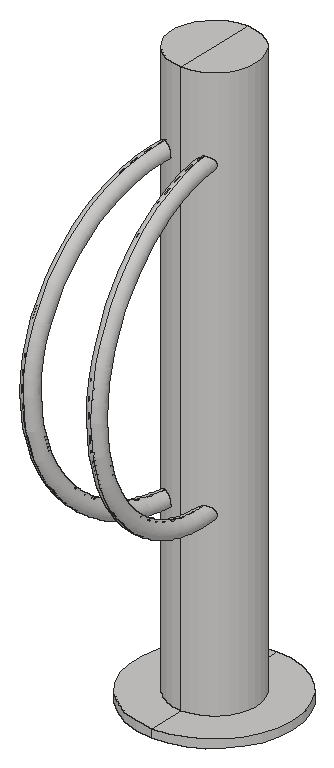
Revit family "Landscaping_Other_Axelent_Bike-Up_Pole_171092", category Furniture, Revit 2018
Family settings
  OmniClass Number = 23.40.10.14
  OmniClass Title = Exterior Specialties
  Work Plane-Based = No
  Always vertical = Yes
  Cut with Voids When Loaded = No
  Shared = No
  Room Calculation Point = No
Parameters (values of type "Bike-Up Pole 1 bike")
  WarrantyStartDate [instance] = "n/a"
  WarrantyGuarantorParts = "n/a"
  WarrantyGuarantorLabor = "n/a"
  WarrantyDurationUnit = "Years"
  WarrantyDurationParts = "n/a"
  WarrantyDurationLabor = "n/a"
  WarrantyDescription = "n/a"
  VersionDate = "22/07/2021"  # constant formula
  Version = "1"  # constant formula
  Uniclass2015Reference = "Pr_40_30_21"
  Uniclass2015Description = "Cycle stands and lockers"
  Uniclass2 = "Pr_40_30_20"
  URL = "https://www.axelent.com/products/property/bike-racks/other-racks/bike-rack-bike-up-pole-1-bike/"
  Type Comments = ""
  TagNumber [instance] = "n/a"
  SustainabilityPerformance = "n/a"
  Style = "n/a"
  Size = "150x263x560 mm"
  Shape = "Sculptured"
  SerialNumber [instance] = "n/a"
  Revision = "n/a"
  ReplacementCost = "n/a"
  ProductInformation = "Bicycle rack Bike-Up Pole 1 bike is a bicycle rack with space for a bicycle on the ground, and can be easily placed along e.g. sidewalks. The stand is mounted by screwing it into the ground."
  ProductDatasheet = "https://www.axelent.com/media/ozubjc4y/bike-up_bike_racks_axelent_2020_gb_hr.pdf"
  NominalLength = 150 mm
  NominalHeight = 560 mm
  NominalDepth = 263 mm
  Name = "Bike-Up_Pole_171092"
  NBSReference = "45-35-86/311"
  NBSDescription = "Aluminium cycle lockers"
  ModelReference = "n/a"
  ModelNumber = "171092"
  Material = "Hot-dip galvanized"
  ManufacturerURL = "https://www.axelent.com/home/"
  ManufacturerName = "Axelent"
  Model = "Bike-Up Pole 1 bike"
  Manufacturer = "Axelent"
  MainColor = "Grey"
  InstallationDate [instance] = "n/a"
  IfcExportType = "BOLLARD"  # constant formula
  IfcExportAs = "IfcFurnishingElementType"  # constant formula
  Grade = "n/a"
  Finish = "n/a"
  Features = "n/a"
  ExpectedLife = "n/a"
  DurationUnit = "Years"
  Description = "Bicycle rack Bike-Up Pole 1 bike is a bicycle rack with space for a bicycle on the ground, and can be easily placed along e.g. sidewalks. The stand is mounted by screwing it into the ground."
  CycleBollardMainMaterial = Steel, Galvanized
  Cost = 0
  Constituents = "n/a"
  Color = MainColor  # "Grey"
  CodePerformance = "n/a"
  Barcode [instance] = "n/a"
  AssetIdentifier [instance] = "n/a"
  Category = "Cycle lockers"
  Brand = "Axelent"
  BIMObjectName = "Landscaping_Other_Axelent_Bike-Up_Pole_171092"
  Author = "BIMstone"  # constant formula
  AssetType = "Fixed"
  AccessibilityPerformance = "n/a"
Reference planes
  plane 1 "Center (Front/Back)": y = 0
  plane 2: z = 0
  plane 3 "Center (Left/Right)": x = 0
  plane 4: x = -75
  plane 5: y = 131.5
  plane 6: x = 75
  plane 7: y = -131.5
  plane 8: z = 560
Dimensions and locks
  equal spacing: plane 4, plane 3 "Center (Left/Right)", plane 6
  "NominalLength": plane 4 to plane 6
  equal spacing: plane 5, plane 1 "Center (Front/Back)", plane 7
  "NominalDepth": plane 7 to plane 5
  "NominalHeight": plane 8 to level
  aligned and locked: level to plane 2
Nested families
  nested 1: "171092" at (0, 0, 0), material 1 <- "CycleBollardMainMaterial", type "171092"
    with material 1 Steel, Galvanized
Definition of nested family "171092"
  Parameters (values of type "171092")
    material 1 [instance] = none
  Reference planes
    plane 1 "Center (Front/Back)": y = 0
    plane 2: z = 0
    plane 3 "Center (Left/Right)": x = 0
    plane 4: z = 560
    plane 5: x = -75
    plane 6: x = 75
    plane 7: y = 131.5
    plane 8: y = -131.5
  Forms (mm)
    Revolve 1, solid, material <- "material 1", detail levels medium+fine
      sketch origin (0, 0, 0) x (0, 1, 0) y (0, 0, 1)
        loop
          line (56.404, 8) -> (56.404, 0) -> (131.5, 0) -> (131.5, 8) -> (96.404, 8) -> (96.404, 560) -> (56.404, 560) -> (56.404, 8)
        axis (56.404, 560) -> (56.404, 0)
      angle from 0 to 360
    Sweep 2, solid, material <- "material 1", detail levels medium+fine
      path in 3D
        loop
          spline (-18.706, 25.922, 180.717) -> (-22.101, -12.883, 185.825) -> (-25.265, -49.052, 200.802) -> (-27.983, -80.116, 224.632) -> (-30.069, -103.96, 255.697) -> (-31.38, -118.952, 291.882) -> (-31.828, -124.066, 330.717) -> (-31.38, -118.952, 369.553) -> (-30.069, -103.961, 405.735) -> (-27.983, -80.115, 436.803) -> (-25.265, -49.049, 460.633) -> (-22.101, -12.887, 475.608) -> (-18.706, 25.922, 480.717)
      profile origin (-31.828, -124.066, 330.717) x (0.087156, 0.996195, 0) y (-0.996195, 0.087156, 0)
        loop
          circle (0.054, 0) r 7.5
        loop
          circle (0, 0) r 6
    Sweep 3, solid, material <- "material 1", detail levels medium+fine
      path in 3D
        loop
          spline (18.706, 25.922, 180.717) -> (22.101, -12.883, 185.825) -> (25.265, -49.052, 200.802) -> (27.983, -80.116, 224.632) -> (30.069, -103.96, 255.697) -> (31.38, -118.952, 291.882) -> (31.828, -124.066, 330.717) -> (31.38, -118.952, 369.553) -> (30.069, -103.961, 405.735) -> (27.983, -80.115, 436.803) -> (25.265, -49.049, 460.633) -> (22.101, -12.887, 475.608) -> (18.706, 25.922, 480.717)
      profile origin (31.828, -124.066, 330.717) x (0.087156, -0.996195, 0) y (0.996195, 0.087156, 0)
        loop
          circle (-0.054, 0) r 7.5
        loop
          circle (0, 0) r 6
    Extrusion 4, solid, material <- "material 1", detail levels coarse
      sketch origin (0, 0, 0) x (0, 1, 0) y (0, 0, 1)
        loop
          line (-131.5, 0) -> (131.5, 0) -> (131.5, 560) -> (-131.5, 560) -> (-131.5, 0)
      from -75 to 75
  Lines and regions (mm)
    sketch lines
      curve 1: spline (-18.706, 25.922, 180.717) -> (-22.101, -12.883, 185.825) -> (-25.265, -49.052, 200.802) -> (-27.983, -80.116, 224.632) -> (-30.069, -103.96, 255.697) -> (-31.38, -118.952, 291.882) -> (-31.828, -124.066, 330.717) -> (-31.38, -118.952, 369.553) -> (-30.069, -103.961, 405.735) -> (-27.983, -80.115, 436.803) -> (-25.265, -49.049, 460.633) -> (-22.101, -12.887, 475.608) -> (-18.706, 25.922, 480.717)
      curve 7: spline (18.706, 25.922, 180.717) -> (22.101, -12.883, 185.825) -> (25.265, -49.052, 200.802) -> (27.983, -80.116, 224.632) -> (30.069, -103.96, 255.697) -> (31.38, -118.952, 291.882) -> (31.828, -124.066, 330.717) -> (31.38, -118.952, 369.553) -> (30.069, -103.961, 405.735) -> (27.983, -80.115, 436.803) -> (25.265, -49.049, 460.633) -> (22.101, -12.887, 475.608) -> (18.706, 25.922, 480.717)
    symbolic lines, detail levels medium+fine
      curve 2: arc (0, 131.5, 0) -> (-73.544, 71.596, 0) -> (-29.756, -12.546, 0) r 75.096
      curve 6: arc (-39.287, -123.369, 0) -> (-32.466, -131.48, 0) -> (-24.35, -124.665, 0) r 7.496
      curve 10: line (-29.756, -12.546, 0) -> (-39.287, -123.369, 0)
      curve 11: arc (-14.947, -17.19, 0) -> (-7.511, -18.316, 0) -> (0, -18.693, 0) r 75.096
      curve 12: line (-14.947, -17.19, 0) -> (-24.35, -124.665, 0)
      curve 13: arc (0, 131.5, 0) -> (73.544, 71.596, 0) -> (29.756, -12.546, 0) r 75.096
      curve 17: arc (39.287, -123.369, 0) -> (32.466, -131.48, 0) -> (24.35, -124.665, 0) r 7.496
      curve 20: line (29.756, -12.546, 0) -> (39.287, -123.369, 0)
      curve 21: arc (14.947, -17.19, 0) -> (7.511, -18.316, 0) -> (0, -18.693, 0) r 75.096
      curve 22: line (14.947, -17.19, 0) -> (24.35, -124.665, 0)
      curve 23: line (0, 0, 0) -> (-75.096, 0, 0)
      curve 24: line (-75.096, 0, 0) -> (-75.096, 0, 8)
      curve 25: line (-75.096, 0, 8) -> (-40, 0, 8)
      curve 27: line (-40, 0, 8) -> (-40, 0, 560)
      curve 28: line (-40, 0, 560) -> (0, 0, 560)
      curve 45: line (0, 0, 0) -> (75.096, 0, 0)
      curve 46: line (75.096, 0, 0) -> (75.096, 0, 8)
      curve 47: line (75.096, 0, 8) -> (40, 0, 8)
      curve 49: line (40, 0, 8) -> (40, 0, 560)
      curve 50: line (40, 0, 560) -> (0, 0, 560)
      curve 67: line (0, 16.404, 560) -> (0, 96.404, 560)
      curve 68: line (0, 96.404, 560) -> (0, 96.404, 8)
      curve 70: line (0, 16.404, 8) -> (0, 16.404, 175.376)
      curve 71: line (0, 96.404, 8) -> (0, 131.5, 8)
      curve 72: line (0, 131.5, 8) -> (0, 131.5, 0)
      curve 73: line (0, 131.5, 0) -> (0, -18.693, 0)
      curve 74: line (0, -18.693, 0) -> (0, -18.693, 8)
      curve 75: line (0, -18.693, 8) -> (0, 16.404, 8)
      curve 83: line (0, 16.404, 485.139) -> (0, 16.404, 560)
      curve 84: arc (0, 16.404, 485.139) -> (0, -132.447, 330.258) -> (0, 16.404, 175.376) r 155.004
    symbolic lines, detail levels fine
      curve 3: arc (0, 96.404, 0) -> (-37.428, 70.516, 0) -> (-26.41, 26.362, 0) r 40
      curve 4: line (-11.851, 18.2, 0) -> (-14.947, -17.19, 0)
      curve 5: line (-26.41, 26.362, 0) -> (-29.756, -12.546, 0)
      curve 8: arc (-26.41, 26.362, 0) -> (-19.561, 21.513, 0) -> (-11.851, 18.2, 0) r 40
      curve 9: arc (-11.851, 18.2, 0) -> (-5.993, 16.855, 0) -> (0, 16.404, 0) r 40
      curve 14: arc (0, 96.404, 0) -> (37.428, 70.516, 0) -> (26.41, 26.362, 0) r 40
      curve 15: line (11.851, 18.2, 0) -> (14.947, -17.19, 0)
      curve 16: line (26.41, 26.362, 0) -> (29.756, -12.546, 0)
      curve 18: arc (26.41, 26.362, 0) -> (19.561, 21.513, 0) -> (11.851, 18.2, 0) r 40
      curve 19: arc (11.851, 18.2, 0) -> (5.993, 16.855, 0) -> (0, 16.404, 0) r 40
      curve 26: line (-40, 0, 8) -> (0, 0, 8)
      curve 29: spline (-14.343, 0, 186.861) -> (-13.175, 0, 185.815) -> (-12.25, 0, 184.548) -> (-11.608, 0, 183.115) -> (-11.277, 0, 181.58) -> (-11.273, 0, 180.009) -> (-11.595, 0, 178.471) -> (-12.228, 0, 177.035) -> (-13.146, 0, 175.762) -> (-14.308, 0, 174.709) -> (-15.663, 0, 173.922) -> (-17.151, 0, 173.435) -> (-18.708, 0, 173.271)
      curve 30: spline (-18.708, 0, 488.163) -> (-17.156, 0, 488) -> (-15.671, 0, 487.516) -> (-14.319, 0, 486.734) -> (-13.159, 0, 485.686) -> (-12.24, 0, 484.42) -> (-11.603, 0, 482.99) -> (-11.276, 0, 481.458) -> (-11.274, 0, 479.891) -> (-11.595, 0, 478.359) -> (-12.227, 0, 476.926) -> (-13.141, 0, 475.657) -> (-14.298, 0, 474.606)
      curve 31: arc (-18.708, 0, 173.271) -> (-24.609, 0, 175.702) -> (-28.214, 0, 180.969) r 11.165
      curve 32: arc (-28.214, 0, 180.969) -> (-30.196, 0, 187.77) -> (-31.809, 0, 194.669) r 131.786
      curve 33: arc (-31.809, 0, 194.669) -> (-33.647, 0, 205.141) -> (-34.869, 0, 215.703) r 181.996
      curve 34: arc (-34.869, 0, 215.703) -> (-37.792, 0, 259.774) -> (-38.968, 0, 303.926) r 1115.553
      curve 35: arc (-38.968, 0, 303.926) -> (-38.642, 0, 362.178) -> (-36.868, 0, 420.405) r 2343.65
      curve 36: arc (-36.868, 0, 420.405) -> (-35.402, 0, 440.635) -> (-32.748, 0, 460.744) r 344.356
      curve 37: arc (-32.748, 0, 460.744) -> (-30.88, 0, 470.335) -> (-28.411, 0, 479.789) r 154.728
      curve 38: arc (-28.411, 0, 479.789) -> (-24.79, 0, 485.402) -> (-18.708, 0, 488.163) r 11.844
      curve 39: arc (-17.941, 0, 458.343) -> (-16.362, 0, 466.529) -> (-14.298, 0, 474.606) r 139.728
      curve 40: arc (-21.882, 0, 419.762) -> (-20.48, 0, 439.111) -> (-17.941, 0, 458.343) r 329.356
      curve 41: arc (-23.968, 0, 304.028) -> (-23.644, 0, 361.908) -> (-21.882, 0, 419.762) r 2328.65
      curve 42: arc (-19.925, 0, 216.992) -> (-22.808, 0, 260.47) -> (-23.968, 0, 304.028) r 1100.553
      curve 43: arc (-17.117, 0, 197.691) -> (-18.803, 0, 207.3) -> (-19.925, 0, 216.992) r 166.996
      curve 44: arc (-14.343, 0, 186.861) -> (-15.86, 0, 192.243) -> (-17.117, 0, 197.691) r 116.786
      curve 48: line (40, 0, 8) -> (0, 0, 8)
      curve 51: spline (14.343, 0, 186.861) -> (13.175, 0, 185.815) -> (12.25, 0, 184.548) -> (11.608, 0, 183.115) -> (11.277, 0, 181.58) -> (11.273, 0, 180.009) -> (11.595, 0, 178.471) -> (12.228, 0, 177.035) -> (13.146, 0, 175.762) -> (14.308, 0, 174.709) -> (15.663, 0, 173.922) -> (17.151, 0, 173.435) -> (18.708, 0, 173.271)
      curve 52: spline (18.708, 0, 488.163) -> (17.156, 0, 488) -> (15.671, 0, 487.516) -> (14.319, 0, 486.734) -> (13.159, 0, 485.686) -> (12.24, 0, 484.42) -> (11.603, 0, 482.99) -> (11.276, 0, 481.458) -> (11.274, 0, 479.891) -> (11.595, 0, 478.359) -> (12.227, 0, 476.926) -> (13.141, 0, 475.657) -> (14.298, 0, 474.606)
      curve 53: arc (18.708, 0, 173.271) -> (24.609, 0, 175.702) -> (28.214, 0, 180.969) r 11.165
      curve 54: arc (28.214, 0, 180.969) -> (30.196, 0, 187.77) -> (31.809, 0, 194.669) r 131.786
      curve 55: arc (31.809, 0, 194.669) -> (33.647, 0, 205.141) -> (34.869, 0, 215.703) r 181.996
      curve 56: arc (34.869, 0, 215.703) -> (37.792, 0, 259.774) -> (38.968, 0, 303.926) r 1115.553
      curve 57: arc (38.968, 0, 303.926) -> (38.642, 0, 362.178) -> (36.868, 0, 420.405) r 2343.65
      curve 58: arc (36.868, 0, 420.405) -> (35.402, 0, 440.635) -> (32.748, 0, 460.744) r 344.356
      curve 59: arc (32.748, 0, 460.744) -> (30.88, 0, 470.335) -> (28.411, 0, 479.789) r 154.728
      curve 60: arc (28.411, 0, 479.789) -> (24.79, 0, 485.402) -> (18.708, 0, 488.163) r 11.844
      curve 61: arc (17.941, 0, 458.343) -> (16.362, 0, 466.529) -> (14.298, 0, 474.606) r 139.728
      curve 62: arc (21.882, 0, 419.762) -> (20.48, 0, 439.111) -> (17.941, 0, 458.343) r 329.356
      curve 63: arc (23.968, 0, 304.028) -> (23.644, 0, 361.908) -> (21.882, 0, 419.762) r 2328.65
      curve 64: arc (19.925, 0, 216.992) -> (22.808, 0, 260.47) -> (23.968, 0, 304.028) r 1100.553
      curve 65: arc (17.117, 0, 197.691) -> (18.803, 0, 207.3) -> (19.925, 0, 216.992) r 166.996
      curve 66: arc (14.343, 0, 186.861) -> (15.86, 0, 192.243) -> (17.117, 0, 197.691) r 116.786
      curve 69: line (0, 96.404, 8) -> (0, 16.404, 8)
      curve 76: arc (0, 22.556, 470.263) -> (0, 19.479, 470.229) -> (0, 16.404, 470.128) r 140
      curve 77: arc (0, 22.556, 485.261) -> (0, 19.479, 485.231) -> (0, 16.404, 485.139) r 155.004
      curve 78: spline (0, 22.556, 485.261) -> (0, 23.85, 485.006) -> (0, 25.056, 484.257) -> (0, 26.092, 483.065) -> (0, 26.887, 481.512) -> (0, 27.386, 479.703) -> (0, 27.556, 477.762) -> (0, 27.386, 475.821) -> (0, 26.887, 474.012) -> (0, 26.092, 472.459) -> (0, 25.056, 471.268) -> (0, 23.85, 470.518) -> (0, 22.556, 470.263)
      curve 79: spline (0, 22.556, 190.263) -> (0, 23.85, 190.007) -> (0, 25.056, 189.257) -> (0, 26.092, 188.065) -> (0, 26.887, 186.511) -> (0, 27.386, 184.701) -> (0, 27.556, 182.759) -> (0, 27.386, 180.816) -> (0, 26.887, 179.006) -> (0, 26.092, 177.452) -> (0, 25.056, 176.26) -> (0, 23.85, 175.51) -> (0, 22.556, 175.254)
      curve 80: arc (0, 16.404, 190.398) -> (0, 19.479, 190.297) -> (0, 22.556, 190.263) r 140
      curve 81: line (0, 16.404, 190.398) -> (0, 16.404, 470.128)
      curve 82: arc (0, 16.404, 175.376) -> (0, 19.479, 175.285) -> (0, 22.556, 175.254) r 155.004
      curve 85: arc (0, 16.404, 470.128) -> (0, -117.444, 330.263) -> (0, 16.404, 190.398) r 140
  Dimensions and locks
    plane 4 to level = 560 mm
    equal spacing: plane 7, plane 1 "Center (Front/Back)", plane 8
    plane 7 to plane 8 = 263 mm
    equal spacing: plane 5, plane 3 "Center (Left/Right)", plane 6
    plane 5 to plane 6 = 150 mm
    aligned and locked: level to plane 2
  Automatic sketch dimensions
    Revolve 1 sketch curve to plane 4 = 0 mm
    Revolve 1 sketch curve to level = 0 mm  (x2)
    Revolve 1 sketch curve to plane 7 = 0 mm
    Revolve 1 sketch curve to plane 7 = 35.096 mm
    Revolve 1 sketch curve to Revolve 1 sketch curve = 40 mm
    level to Revolve 1 sketch curve = 8 mm
    Revolve 1 sketch curve to Revolve 1 sketch curve = 8 mm
    Revolve 1 sketch curve to Revolve 1 sketch curve = 0 mm
    Revolve 1 sketch curve to level = 15 mm
    profile plane to Sweep 2 sketch curve = 0 mm  (x3)
    Sweep 2 sketch curve to profile plane = 0.054 mm
    profile plane to Sweep 3 sketch curve = 0 mm  (x3)
    profile plane to Sweep 3 sketch curve = 0.054 mm
    curve 2 to curve 3 = 0 mm  (x2)
    curve 2 to curve 8 = 0 mm  (x2)
    curve 2 to curve 9 = 0 mm  (x2)
    curve 2 to curve 11 = 0 mm  (x2)
    curve 2 to curve 13 = 0 mm  (x2)
    curve 2 to curve 14 = 0 mm  (x2)
    curve 2 to curve 18 = 0 mm  (x2)
    curve 2 to curve 19 = 0 mm  (x2)
    curve 2 to curve 21 = 0 mm  (x2)
    curve 3 to curve 8 = 0 mm  (x2)
    curve 3 to curve 9 = 0 mm  (x2)
    curve 3 to curve 11 = 0 mm  (x2)
    curve 3 to curve 13 = 0 mm  (x2)
    curve 3 to curve 14 = 0 mm  (x2)
    curve 3 to curve 18 = 0 mm  (x2)
    curve 3 to curve 19 = 0 mm  (x2)
    curve 3 to curve 21 = 0 mm  (x2)
    curve 8 to curve 9 = 0 mm  (x2)
    curve 8 to curve 11 = 0 mm  (x2)
    curve 8 to curve 13 = 0 mm  (x2)
    curve 8 to curve 14 = 0 mm  (x2)
    curve 8 to curve 18 = 0 mm  (x2)
    curve 8 to curve 19 = 0 mm  (x2)
    curve 8 to curve 21 = 0 mm  (x2)
    curve 9 to curve 11 = 0 mm  (x2)
    curve 9 to curve 13 = 0 mm  (x2)
    curve 9 to curve 14 = 0 mm  (x2)
    curve 9 to curve 18 = 0 mm  (x2)
    curve 9 to curve 19 = 0 mm  (x2)
    curve 9 to curve 21 = 0 mm  (x2)
    curve 11 to curve 13 = 0 mm  (x2)
    curve 11 to curve 14 = 0 mm  (x2)
    curve 11 to curve 18 = 0 mm  (x2)
    curve 11 to curve 19 = 0 mm  (x2)
    curve 11 to curve 21 = 0 mm  (x2)
    curve 13 to curve 14 = 0 mm  (x2)
    curve 13 to curve 18 = 0 mm  (x2)
    curve 13 to curve 19 = 0 mm  (x2)
    curve 13 to curve 21 = 0 mm  (x2)
    curve 14 to curve 18 = 0 mm  (x2)
    curve 14 to curve 19 = 0 mm  (x2)
    curve 14 to curve 21 = 0 mm  (x2)
    curve 18 to curve 19 = 0 mm  (x2)
    curve 18 to curve 21 = 0 mm  (x2)
    curve 19 to curve 21 = 0 mm  (x2)
    curve 9 to plane 3 "Center (Left/Right)" = 0 mm
    curve 2 to plane 7 = 0 mm
    curve 4 to plane 3 "Center (Left/Right)" = 11.851 mm
    curve 12 to plane 3 "Center (Left/Right)" = 14.947 mm
    plane 8 to curve 12 = 6.835 mm
    curve 12 to plane 3 "Center (Left/Right)" = 24.35 mm
    curve 5 to curve 4 = 14.559 mm
    plane 1 "Center (Front/Back)" to curve 5 = 12.546 mm
    curve 5 to curve 4 = 14.809 mm
    curve 6 to curve 12 = 7.468 mm
    plane 8 to curve 10 = 8.131 mm
    curve 10 to curve 6 = 7.469 mm
    plane 3 "Center (Left/Right)" to curve 15 = 11.851 mm
    plane 3 "Center (Left/Right)" to curve 15 = 14.947 mm
    plane 8 to curve 22 = 6.835 mm
    plane 3 "Center (Left/Right)" to curve 22 = 24.35 mm
    curve 15 to curve 16 = 14.559 mm
    plane 1 "Center (Front/Back)" to curve 20 = 12.546 mm
    curve 22 to curve 17 = 7.468 mm
    plane 8 to curve 20 = 8.131 mm
    curve 17 to curve 20 = 7.469 mm
    curve 22 to curve 16 = 4.644 mm
    curve 4 to plane 1 "Center (Front/Back)" = 18.2 mm
    curve 32 to curve 44 = 0 mm  (x2)
    curve 33 to curve 43 = 0 mm  (x2)
    curve 34 to curve 42 = 0 mm  (x2)
    curve 35 to curve 41 = 0 mm  (x2)
    curve 36 to curve 40 = 0 mm  (x2)
    curve 37 to curve 39 = 0 mm  (x2)
    curve 54 to curve 66 = 0 mm  (x2)
    curve 55 to curve 65 = 0 mm  (x2)
    curve 56 to curve 64 = 0 mm  (x2)
    curve 57 to curve 63 = 0 mm  (x2)
    curve 58 to curve 62 = 0 mm  (x2)
    curve 59 to curve 61 = 0 mm  (x2)
    curve 23 to level = 0 mm
    curve 27 to plane 4 = 0 mm
    curve 26 to plane 3 "Center (Left/Right)" = 0 mm
    curve 23 to plane 3 "Center (Left/Right)" = 0 mm
    curve 28 to plane 3 "Center (Left/Right)" = 0 mm
    curve 38 to plane 3 "Center (Left/Right)" = 17.052 mm
    curve 31 to plane 3 "Center (Left/Right)" = 17.582 mm
    level to curve 27 = 8 mm
    plane 5 to curve 27 = 35 mm
    curve 25 to plane 5 = 0.096 mm
    curve 54 to plane 5 = 22.274 mm
    curve 59 to plane 5 = 44.987 mm
    curve 65 to curve 66 = 49.181 mm
    curve 62 to curve 61 = 187.184 mm
    curve 56 to plane 4 = 248.454 mm
    curve 56 to curve 58 = 769.388 mm
    curve 57 to plane 4 = 240.066 mm
    curve 57 to curve 56 = 1228.068 mm
    plane 3 "Center (Left/Right)" to curve 60 = 17.052 mm
    plane 3 "Center (Left/Right)" to curve 53 = 17.582 mm
    curve 48 to plane 6 = 35 mm
    plane 6 to curve 46 = 0.096 mm
    plane 6 to curve 32 = 22.274 mm
    plane 6 to curve 39 = 44.987 mm
    curve 32 to curve 43 = 49.181 mm
    curve 37 to curve 36 = 187.184 mm
    curve 34 to plane 4 = 248.454 mm
    curve 36 to curve 34 = 769.388 mm
    curve 35 to plane 4 = 240.066 mm
    curve 34 to curve 35 = 1228.068 mm
    curve 48 to curve 31 = 176.379 mm
    curve 53 to curve 31 = 0 mm
    curve 31 to curve 66 = 36.843 mm
    curve 53 to curve 32 = 36.843 mm
    curve 54 to curve 55 = 10.117 mm
    curve 32 to curve 33 = 10.117 mm
    curve 40 to plane 4 = 154.357 mm
    curve 58 to plane 4 = 154.357 mm
    curve 59 to plane 4 = 124.015 mm
    curve 37 to plane 4 = 124.015 mm
    curve 60 to plane 4 = 83.564 mm
    curve 38 to curve 60 = 0 mm
    curve 38 to curve 39 = 2.754 mm
    curve 31 to curve 44 = 3.24 mm
    curve 44 to curve 29 = 2.774 mm
    curve 43 to curve 44 = 0 mm
    curve 39 to curve 30 = 3.643 mm
    curve 40 to curve 39 = 0 mm
    curve 30 to curve 38 = 1.36 mm
    curve 30 to curve 38 = 1.654 mm
    curve 29 to curve 31 = 1.123 mm
    curve 30 to curve 30 = 0.002 mm
    curve 31 to curve 29 = 0.002 mm
    curve 29 to curve 29 = 0.291 mm
    curve 42 to curve 43 = 0 mm
    curve 41 to curve 40 = 0 mm
    curve 31 to curve 29 = 9.509 mm
    curve 32 to curve 31 = 0 mm
    curve 37 to curve 30 = 9.706 mm
    curve 38 to curve 37 = 0 mm
    curve 33 to curve 32 = 0 mm
    curve 36 to curve 37 = 0 mm
    curve 34 to curve 33 = 0 mm
    curve 35 to curve 36 = 0 mm
    curve 61 to curve 60 = 2.754 mm
    curve 66 to curve 53 = 3.24 mm
    curve 51 to curve 66 = 2.774 mm
    curve 65 to curve 66 = 0 mm
    curve 52 to curve 62 = 3.643 mm
    curve 61 to curve 62 = 0 mm
    curve 60 to curve 52 = 1.36 mm
    curve 60 to curve 52 = 1.654 mm
    curve 53 to curve 51 = 1.123 mm
    curve 51 to curve 51 = 0.002 mm
    curve 52 to curve 52 = 0.002 mm
    curve 53 to curve 51 = 0.291 mm
    curve 64 to curve 65 = 0 mm
    curve 63 to curve 62 = 0 mm
    curve 51 to curve 53 = 9.509 mm
    curve 54 to curve 53 = 0 mm
    curve 52 to curve 59 = 9.706 mm
    curve 60 to curve 59 = 0 mm
    curve 55 to curve 54 = 0 mm
    curve 58 to curve 59 = 0 mm
    curve 56 to curve 55 = 0 mm
    curve 57 to curve 58 = 0 mm
    curve 74 to level = 0 mm
    curve 83 to plane 4 = 0 mm
    curve 72 to plane 7 = 0 mm
    level to curve 71 = 8 mm
    curve 71 to plane 7 = 35.096 mm
    curve 77 to plane 1 "Center (Front/Back)" = 22.556 mm
    plane 1 "Center (Front/Back)" to curve 73 = 18.693 mm
    curve 77 to plane 4 = 229.742 mm
    curve 77 to curve 76 = 0.005 mm
    curve 82 to curve 77 = 155.004 mm
    curve 82 to curve 79 = 7.504 mm
    curve 76 to curve 80 = 0 mm  (x2)
    curve 77 to curve 82 = 0 mm
    curve 69 to plane 1 "Center (Front/Back)" = 16.404 mm
    curve 77 to curve 84 = 0 mm  (x2)
    curve 76 to curve 85 = 0 mm  (x2)
    curve 83 to plane 1 "Center (Front/Back)" = 16.404 mm
    curve 81 to curve 76 = 6.153 mm
    Extrusion 4 sketch curve to plane 4 = 0 mm
    Extrusion 4 sketch curve to plane 8 = 0 mm
    Extrusion 4 sketch curve to plane 7 = 0 mm
    Extrusion 4 sketch curve to level = 0 mm
    radius of Sweep 2 sketch curve = 7.5 mm
    radius of Sweep 2 sketch curve = 6 mm
    radius of Sweep 3 sketch curve = 7.5 mm
    radius of Sweep 3 sketch curve = 6 mm
